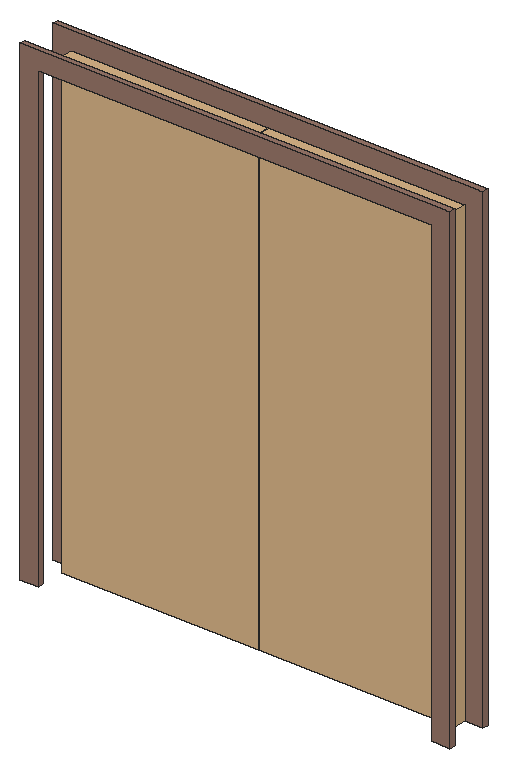
Revit family "ecda1181803d4bddb6b9ba46f537eb18", category Puertas, Revit 2026
Family settings
  Anfitrión = Muro
  Siempre vertical = Sí
  Corte con vacíos al cargar = No
  Compartido = No
  Punto de cálculo de habitación = No
Parameters (values of type "1700 x 2000mm")
  Visual Light Transmittance = 0
  Grosor = 50 mm
  Resistencia térmica (R) = 0.455703 (m²·K)/W
  Ángulo de batiente [instance] = 90.00°
  Solar Heat Gain Coefficient = 0
  Anchura de panel = 1 / 2 * Anchura  # 850 mm
  Definir propiedades térmicas por = Tipo esquemático
  ID de tipo de construcción = "DOOR"
  Coeficiente de transferencia de calor (U) = 2.19465 W/(m²·K)
  Función = Interior
  Material de panel = Madera - Abedul - Sólido tinte claro brillo reducido
  Material de cubrejuntas = Pintura - Siena
  Altura = 2000 mm
  Proyección cubrejuntas ext = 25 mm
  Proyección cubrejuntas int = 25 mm
  Anchura de cubrejuntas = 80 mm
  Cierre de muro = Por anfitrión
  Anchura = 1700 mm
  Construcción analítica = "Madera"
Reference planes
  plane 1 "Centro (Frontal/Derecha)": y = 0
  plane 2: z = 0
  plane 3 "Centro (Izquierda/Derecha)": x = 0
  plane 4 "Izquierda": x = -850
  plane 5 "Derecha": x = 850
  plane 6 "Parte superior": z = 2000
  plane 7: y = 76.2
Forms (mm)
  Extrusion 1, solid, material "Pintura - Siena" <- "Material de cubrejuntas", detail levels fine
    sketch origin (-2286, 76.2, 0) x (-1, 0, 0) y (0, 0, 1)
      loop
        line (-3136, 2000) -> (-1436, 2000) -> (-1436, 0) -> (-1356, 0) -> (-1356, 2080) -> (-3216, 2080) -> (-3216, 0) -> (-3136, 0) -> (-3136, 2000)
    from 0 to 25
  Extrusion 2, solid, material "Pintura - Siena" <- "Material de cubrejuntas", detail levels fine
    sketch origin (-2286, -76.2, 0) x (1, 0, 0) y (0, 0, 1)
      loop
        line (1436, 0) -> (1436, 2000) -> (3136, 2000) -> (3136, 0) -> (3216, 0) -> (3216, 2080) -> (1356, 2080) -> (1356, 0) -> (1436, 0)
    from 0 to 25
  Extrusion 3, solid, material "Madera - Abedul - Sólido tinte claro brillo reducido" <- "Material de panel"
    sketch origin (-1524, 76.2, 0) x (-1, 0, 0) y (0, 0, 1)
      loop
        line (-1524, 2000) -> (-1524, 0) -> (-674, 0) -> (-674, 2000) -> (-1524, 2000)
    from 0 to -50
  Extrusion 4, solid, material "Madera - Abedul - Sólido tinte claro brillo reducido" <- "Material de panel"
    sketch origin (0, 0, 0) x (-1, 0, 0) y (0, 0, 1)
      loop
        line (-850, 2000) -> (-850, 0) -> (0, 0) -> (0, 2000) -> (-850, 2000)
    from 26.2 to 76.2
Lines and regions (mm)
  Opening 1
    outline origin (-2286, -76.2, 0) x (1, 0, 0) y (0, 0, 1)
      loop
        line (1436, 0) -> (3136, 0) -> (3136, 2000) -> (1436, 2000) -> (1436, 0)
  symbolic lines, style "Batiente de alzado"
    curve 1: line (0, 0, 2000) -> (-850, 0, 1000)
    curve 2: line (0, 0, 0) -> (-850, 0, 1000)
    curve 3: line (0, 0, 0) -> (850, 0, 1000)
    curve 4: line (850, 0, 1000) -> (0, 0, 2000)
Text (mm)
  text "Exterior" at (-1490.41, 1005.451, 0), in view "Nivel de referencia"
  text "Interior" at (-1482.03, -688.828, 0), in view "Nivel de referencia"
  text "Exterior" at (0, 1019.848, 3124.603), in view "Derecha"
  text "Interior" at (0, -1635.541, 3124.603), in view "Derecha"
  text "Interior" at (0, -698.591, 2960.884), in view "Izquierda"
  text "Exterior" at (0, 1386.095, 2960.884), in view "Izquierda"
Dimensions and locks
  "Altura": plane 2 to plane 6 "Parte superior"
  "Anchura de cubrejuntas": Extrusion 2 sketch curve to plane 4 "Izquierda"
  "Anchura de cubrejuntas": Extrusion 2 sketch curve to plane 5 "Derecha"
  "Anchura de cubrejuntas": Extrusion 2 sketch curve to plane 6 "Parte superior"
  "Anchura de cubrejuntas": Extrusion 1 sketch curve to Extrusion 1 sketch curve  (x2)
  "Anchura de cubrejuntas": Extrusion 1 sketch curve to plane 6 "Parte superior"
  "Proyección cubrejuntas int": Extrusion 2 to host wall
  "Proyección cubrejuntas ext": Extrusion 1 to host wall
  "Grosor": Extrusion 3 to host wall
  "Anchura": plane 4 "Izquierda" to plane 5 "Derecha"
  equal spacing: plane 4 "Izquierda", plane 3 "Centro (Izquierda/Derecha)", plane 5 "Derecha"
  equal spacing: plane 6 "Parte superior", curve 2, level
  equal spacing: plane 6 "Parte superior", curve 4, level
  aligned and locked: plane 4 "Izquierda" to Opening 1 sketch curve
  aligned and locked: plane 6 "Parte superior" to Opening 1 sketch curve  (x2)
  aligned and locked: Opening 1 sketch curve to plane 5 "Derecha"
  aligned and locked: Opening 1 sketch curve to level
  aligned and locked: plane 6 "Parte superior" to Extrusion 1 sketch curve  (x2)
  aligned and locked: plane 4 "Izquierda" to Extrusion 1 sketch curve
  aligned and locked: Extrusion 1 sketch curve to plane 4 "Izquierda"
  aligned and locked: plane 2 to Extrusion 1 sketch curve
  aligned and locked: Extrusion 1 sketch curve to plane 2
  aligned and locked: level to Extrusion 1 sketch curve
  aligned and locked: plane 5 "Derecha" to Extrusion 1 sketch curve
  aligned and locked: Extrusion 1 to host wall
  aligned and locked: plane 4 "Izquierda" to Extrusion 2 sketch curve
  aligned and locked: plane 6 "Parte superior" to Extrusion 2 sketch curve  (x2)
  aligned and locked: plane 5 "Derecha" to Extrusion 2 sketch curve  (x2)
  aligned and locked: level to Extrusion 2 sketch curve
  aligned and locked: Extrusion 2 sketch curve to level
  aligned and locked: plane 2 to Extrusion 2 sketch curve
  aligned and locked: Extrusion 2 to host wall
  aligned and locked: plane 7 to host wall
  aligned and locked: Extrusion 4 to Extrusion 3  (x2)
  aligned and locked: nested 1 to plane 5 "Derecha"
  aligned and locked: nested 1 to plane 7
  aligned and locked: nested 1 to plane 3 "Centro (Izquierda/Derecha)"
  aligned and locked: nested 2 to plane 4 "Izquierda"
  aligned and locked: plane 7 to Extrusion 3
  aligned and locked: nested 2 to plane 3 "Centro (Izquierda/Derecha)"
  aligned and locked: plane 7 to nested 2
  aligned and locked: plane 7 to nested 1
Automatic sketch dimensions
  Extrusion 3 sketch curve to level = 0 mm
  Extrusion 3 sketch curve to plane 4 "Izquierda" = 0 mm
  Extrusion 3 sketch curve to plane 6 "Parte superior" = 0 mm
  Extrusion 3 sketch curve to plane 3 "Centro (Izquierda/Derecha)" = 0 mm
  Extrusion 4 sketch curve to level = 0 mm
  Extrusion 4 sketch curve to plane 5 "Derecha" = 0 mm
  Extrusion 4 sketch curve to plane 3 "Centro (Izquierda/Derecha)" = 0 mm
  Extrusion 4 sketch curve to plane 6 "Parte superior" = 0 mm
  curve 1 to plane 3 "Centro (Izquierda/Derecha)" = 0 mm
  curve 1 to plane 6 "Parte superior" = 0 mm
  curve 2 to plane 4 "Izquierda" = 0 mm
  curve 4 to plane 5 "Derecha" = 0 mm
  curve 3 to level = 0 mm
  curve 2 to plane 3 "Centro (Izquierda/Derecha)" = 0 mm
Nested families
  nested 1: "Batiente de puerta-Simple" at (850, 76.2, 0), Ángulo de batiente <- "Ángulo de batiente", type "Única"
    with Batiente visible yes, Ángulo de batiente 90.00°, Ángulo real 90.00°
  nested 2: "Batiente de puerta-Simple" at (-850, 76.2, 0) x (-1, 0, 0) z (0, 0, 1), Ángulo de batiente <- "Ángulo de batiente", type "Única"
    with Batiente visible yes, Ángulo de batiente 90.00°, Ángulo real 90.00°
Definition of nested family "Batiente de puerta-Simple"
  Parameters (values of type "Única")
    Width = 900 mm
    Thickness = 45 mm
    Batiente visible [instance] = Ángulo de batiente > 1.00°  # yes
    Ángulo de batiente [instance] = 45.00°
    Analytic Construction = "<Ninguno>"
    Ángulo real [instance] = if(Ángulo de batiente < 1.00°, 1.00°, Ángulo de batiente)  # 45.00°
  Reference planes
    plane 1 "Centro (Frontal/Posterior)": y = 0
    plane 2: z = 0
    plane 3 "Centro (Izquierda/Derecha)": x = 0
    plane 4: x = -900
  Lines and regions (mm)
    Masking region 1
      outline origin (0, 0, 0) x (-0.707107, 0.707107, 0) y (-0.707107, -0.707107, 0)
        loop
          line (0, 0) -> (900, 0) -> (900, 45) -> (0, 45) -> (0, 0)
    symbolic lines
      curve 1: line (0, 0, 0) -> (-900, 0, 0)
    symbolic lines, visible <- "Batiente visible"
      curve 2: arc (-900, 0, 0) -> (-831.492, 344.415, 0) -> (-636.396, 636.396, 0) r 900
    reference lines
      curve 3: line (0, 0, 0) -> (-636.396, 636.396, 0)
    model lines
      curve 4: line (0, 0, 0) -> (0, 0, 25.4)
  Dimensions and locks
    "Width": plane 4 to plane 3 "Centro (Izquierda/Derecha)"
    locked: curve 2 to plane 3 "Centro (Izquierda/Derecha)"
    locked: curve 2 to plane 1 "Centro (Frontal/Posterior)"
    "Width": curve 3 to curve 3
    "Thickness": Masking region 1 sketch curve to Masking region 1 sketch curve
    locked: curve 4 to plane 2 at 25.4
    "Width": radius of curve 2
    "Ángulo real": angle curve 2 to curve 2
    "Ángulo de batiente": angle curve 3 to plane 1 "Centro (Frontal/Posterior)"
    aligned and locked: curve 1 to plane 1 "Centro (Frontal/Posterior)"
    aligned and locked: plane 3 "Centro (Izquierda/Derecha)" to curve 1
    aligned and locked: plane 3 "Centro (Izquierda/Derecha)" to curve 3
    aligned and locked: plane 1 "Centro (Frontal/Posterior)" to curve 3
    aligned and locked: curve 3 to Masking region 1 sketch curve
    aligned and locked: Masking region 1 sketch curve to curve 3  (x2)
    aligned and locked: plane 3 "Centro (Izquierda/Derecha)" to curve 4
    aligned and locked: plane 2 to curve 4
